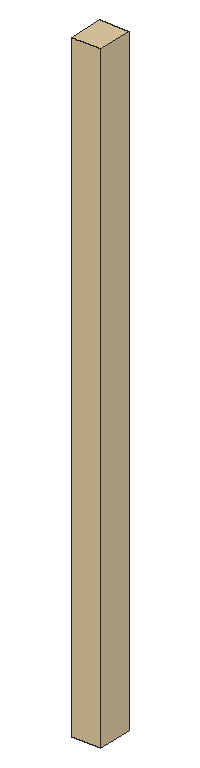
Revit family
Parameters (values of type "5.125x6")
  Column Material [instance] = Wood - Dimensional Lumber
  A = 30.24 in²
  Assembly Code = "B10"
  Ix = 92.3
  Iy = 67.31
  Laminations = "4"
  Sx = 30.75
  Sy = 26.27
  b = 0' - 5 1/8"
  d = 0' - 6"
Types (2): name | A | Ix | Iy | Sx | Sy | b
  5.125x6 | 30.24 in² | 92.3 | 67.31 | 30.75 | 26.27 | 0' - 5 1/8"
  3.125x6 | 18.72 in² | 56.25 | 15.26 | 18.75 | 9.77 | 0' - 3 1/8"
Reference planes (in)
  plane 1 "Center (Front/Back)": y = 0
  plane 2: z = 0
  plane 3 "Center (Left/Right)": x = 0
  plane 4: x = -2.5625
  plane 5: x = 2.5625
  plane 6: y = 3
  plane 7: y = -3
Forms (in)
  Extrusion 1, solid, material "Wood - Dimensional Lumber" <- "Column Material", detail levels medium+fine
    sketch origin (0, 0, 0) x (1, 0, 0) y (0, 1, 0)
      loop
        line (-2.5625, 3) -> (-2.5625, -3) -> (2.5625, -3) -> (2.5625, 3) -> (-2.5625, 3)
    from 0 to 108
Lines and regions (in)
  symbolic lines, style "StructuralColumnStickSymbols", detail levels coarse
    curve 1: line (-2.5625, 3, 0) -> (2.5625, 3, 0)
    curve 2: line (-2.5625, -3, 0) -> (2.5625, -3, 0)
    curve 3: line (-2.5625, 3, 0) -> (-2.5625, -3, 0)
    curve 4: line (2.5625, 3, 0) -> (2.5625, -3, 0)
Dimensions and locks (in)
  equal spacing: plane 4, plane 3 "Center (Left/Right)", plane 5
  equal spacing: plane 7, plane 1 "Center (Front/Back)", plane 6
  "d": plane 7 to plane 6
  "b": plane 4 to plane 5
  aligned and locked: plane 6 to Extrusion 1 sketch curve
  aligned and locked: Extrusion 1 sketch curve to plane 7
  aligned and locked: Extrusion 1 sketch curve to plane 4
  aligned and locked: plane 5 to Extrusion 1 sketch curve
  aligned and locked: level to Extrusion 1
  aligned and locked: level to plane 2
  aligned and locked: Extrusion 1 to plane 2
Automatic sketch dimensions
  curve 3 to plane 4 = 0' - 0"
  curve 4 to plane 5 = 0' - 0"
  curve 3 to plane 7 = 0' - 0"
  curve 3 to plane 6 = 0' - 0"
